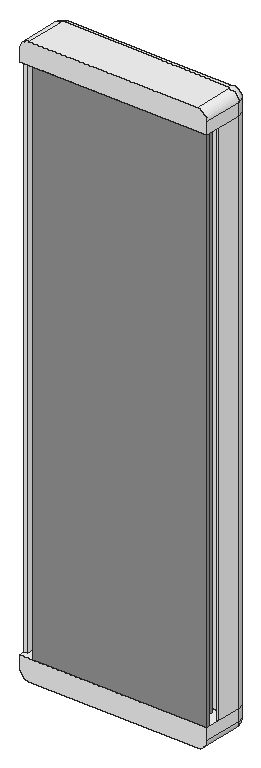
Revit family "JC KONTAKTER JCK218 Armbågskontakt", category Specialty Equipment, host Wall, Revit 2025
Family settings
  Host = Wall
  Round Connector Dimension = Use Diameter
  Part Type = Normal
  Enable Cutting in Views = Yes
  Always vertical = Yes
  Cut with Voids When Loaded = No
  Maintain Annotation Orientation = No
  Shared = No
  Room Calculation Point = No
Parameters (values of type "Armbågskontakt JCK218")
  Core Finish = Aluminum ENAW 6060
  URL = "https://jckontakter.se/produkt/armbagskontakter-metall/armbagskontakt-i-aluminium-jck218/"
  Tillverkarens land = "Sverige"
  Tillvalsförteckning = "https://jckontakter.se/wp-content/uploads/sites/2/Tillval_metall_2024.pdf"
  Teknisk produktblad = "https://jckontakter.se/wp-content/uploads/Tekniskt-blad_JCK218.245.pdf"
  Produktvikt = "0.305 kg"
  Placering information = "https://jckontakter.se/start/nyheter-och-information/armbagskontakter-placering-riktlinjer/"
  Nominell märkström = "12 V - Resistive 6A Inductive L/R 5ms 6A, 24 V - Resistive 6A Inductive L/R 5ms 5A"
  Model = "JCK218"  # constant formula
  Microbrytare = "Standard NO IP67"
  Manufacturer = "JC Kontakter"  # constant formula
  Längsta märkström = "1mA/4 V DC"
  Lid Finish = Aluminum ENAW 6060 (Vit)
  Keynote = ""
  End Cap Finish = POM Tenac C 4520 (Vit)
  Description = "JCK218 tillhör en serie armbågskontakter som har en plan tryckyta med fyra taktila rillor i. Rillorna fungerar som extra vägledning för personer med synnedsättning. Man kan enkelt känna sig till vart man ska trycka för att aktivera dörröppning. JCK218 är tillverkad i vitlackad aluminium och har vita endcaps. Den levereras med 1st mikrobrytare i IP67, men går även att beställa med fler."  # constant formula
  Default Elevation = 0 mm
  CE Dokument = "https://jckontakter.se/wp-content/uploads/CE_Dokument.pdf"
  Assembly Code = ""
  Antal mikrobrytare = 1
Reference planes
  plane 1 "Wall": y = 0
  plane 2 "Center (Left/Right)": x = 125
  plane 3 "Back": y = 75
  plane 4 "A": z = 800
Lines and regions (mm)
  Masking region 1
    outline origin (0, 0, -100) x (1, 0, 0) y (0, 0, 1)
      loop
        line (175, 1145) -> (75, 1145) -> (75, 900) -> (175, 900) -> (175, 1145)
  symbolic lines
    curve 1: line (75, 125, 0) -> (175, 125, 0)
    curve 2: line (75, 75, 0) -> (75, 125, 0)
    curve 3: line (175, 75, 0) -> (75, 75, 0)
    curve 4: line (175, 125, 0) -> (175, 75, 0)
    curve 5: line (175, 0, 1045) -> (75, 0, 1045)
    curve 6: line (175, 0, 800) -> (175, 0, 1045)
    curve 7: line (75, 0, 800) -> (175, 0, 800)
    curve 8: line (75, 0, 1045) -> (75, 0, 800)
Text (mm)
  text "Placement Side" at (-1848.837, 1116.779, 0), in view "Ref. Level"
  text "Placement side" at (0, 1409.804, 2854.306), in view "Left"
  text "Placement side" at (0, 499.811, 2980.732), in view "Right"
Dimensions and locks
  locked: plane 3 "Back" to host wall
  locked: curve 3 to curve 1 at 50
  aligned and locked: plane 1 "Wall" to host wall
  aligned and locked: nested 1 to plane 3 "Back"
  aligned and locked: curve 3 to plane 3 "Back"
  aligned and locked: plane 4 "A" to curve 7
  aligned and locked: curve 6 to Masking region 1
  aligned and locked: Masking region 1 to curve 8
Nested families
  nested 1: "AK_218" at (125, 75, 800) x (-1, 0, 0) z (0, 0, 1), type "AK_218", detail levels medium+fine
Definition of nested family "AK_218"
  Parameters (values of type "AK_218")
    Core Finish = none
    URL = "https://jckontakter.se/produkt/armbagskontakter-metall/armbagskontakt-i-aluminium-jck218/"
    Model = "JCK218"  # constant formula
    Manufacturer = "JC Kontakter"  # constant formula
    Lid Finish = none
    End Cap Finish = none
    Description = "JCK218 tillhör en serie armbågskontakter som har en plan tryckyta med fyra taktila rillor i. Rillorna fungerar som extra vägledning för personer med synnedsättning. Man kan enkelt känna sig till vart man ska trycka för att aktivera dörröppning. JCK218 är tillverkad i vitlackad aluminium och har vita endcaps. Den levereras med 1st mikrobrytare i IP67, men går även att beställa med fler."  # constant formula
    Default Elevation = 0 mm
  Reference planes
    plane 1 "Center (Front/Back)": y = 0
    plane 2: z = 0
    plane 3 "Center (Left/Right)": x = 0
    plane 4 "1": x = 40
    plane 5 "A": z = 9
    plane 6 "B": z = 236
  Forms (mm)
    Extrusion 1, solid, material <- "Core Finish"
      sketch origin (40, 0, 9) x (1, 0, 0) y (0, 1, 0)
        loop
          line (-80, 0) -> (-80, -1.2) -> (-75, -1.2) -> (-75, -8.75) -> (-73.2, -8.75) -> (-73.2, -1.2) -> (-11.2, -1.2) -> (-11.2, -8.75) -> (-2.249, -8.75)
          arc (-2.249, -8.75) -> (-3.331, -3.54) -> (-8.11, -1.2) r 6.05
          line (-8.11, -1.2) -> (-5.54, -1.2) -> (-5.54, 0) -> (-80, 0)
      from 0 to 227
    Extrusion 2, solid, material <- "Lid Finish"
      sketch origin (-40, 0, 9) x (-1, 0, 0) y (0, -1, 0)
        loop
          line (-3.92, 11.41) -> (-0.92, 6.4) -> (0, 6.4) -> (0, 16.83)
          arc (0, 16.83) -> (-1.464, 20.366) -> (-5, 21.83) r 5
          line (-5, 21.83) -> (-8, 21.83) -> (-8, 22.83) -> (-10, 22.83) -> (-10, 21.83) -> (-14, 21.83) -> (-14, 22.83) -> (-16, 22.83) -> (-16, 21.83) -> (-20, 21.83) -> (-20, 22.83) -> (-22, 22.83) -> (-22, 21.83) -> (-26, 21.83) -> (-26, 22.83) -> (-28, 22.83) -> (-28, 21.83) -> (-75, 21.83)
          arc (-75, 21.83) -> (-78.536, 20.366) -> (-80, 16.83) r 5
          line (-80, 16.83) -> (-80, 2.38) -> (-78.4, 2.38) -> (-78.4, 11.41) -> (-3.92, 11.41)
      from 0 to 227
    Extrusion 3, solid, material <- "End Cap Finish"
      sketch origin (-40, 0, 0) x (1, 0, 0) y (0, 1, 0)
        loop
          arc (0, -16.83) -> (1.464, -20.366) -> (5, -21.83) r 5
          line (5, -21.83) -> (75, -21.83)
          arc (75, -21.83) -> (78.536, -20.366) -> (80, -16.83) r 5
          line (80, -16.83) -> (80, 0) -> (0, 0) -> (0, -16.83)
      from 0 to 9
    Sweep 4, void
      path origin (0, 0, 0) x (1, 0, 0) y (0, 1, 0)
        loop
          line (42, 0) -> (42, -16.83)
          arc (42, -16.83) -> (39.95, -21.78) -> (35, -23.83) r 7
          line (35, -23.83) -> (-35, -23.83)
          arc (-35, -23.83) -> (-39.95, -21.78) -> (-42, -16.83) r 7
          line (-42, -16.83) -> (-42, 0)
      profile origin (0, -23.83, 0) x (0, -1, 0) y (0, 0, 1)
        loop
          line (-1, 4) -> (-2, 4)
          arc (-2, 4) -> (-3.172, 1.172) -> (-6, 0) r 4
          line (-6, 0) -> (-6, -1) -> (-1, -1) -> (-1, 4)
    Extrusion 5, solid, material <- "End Cap Finish"
      sketch origin (0, 0, 236) x (-1, 0, 0) y (0, -1, 0)
        loop
          arc (40, 16.83) -> (38.536, 20.366) -> (35, 21.83) r 5
          line (35, 21.83) -> (-35, 21.83)
          arc (-35, 21.83) -> (-38.536, 20.366) -> (-40, 16.83) r 5
          line (-40, 16.83) -> (-40, 0) -> (40, 0) -> (40, 16.83)
      from 0 to 9
    Sweep 6, void
      path origin (0, 0, 236) x (-1, 0, 0) y (0, -1, 0)
        loop
          line (-42, 0) -> (-42, 16.83)
          arc (-42, 16.83) -> (-39.95, 21.78) -> (-35, 23.83) r 7
          line (-35, 23.83) -> (35, 23.83)
          arc (35, 23.83) -> (39.95, 21.78) -> (42, 16.83) r 7
          line (42, 16.83) -> (42, 0)
      profile origin (0, -23.83, 236) x (0, -1, 0) y (0, 0, 1)
        loop
          line (-1, 5) -> (-1, 10) -> (-6, 10) -> (-6, 9)
          arc (-6, 9) -> (-3.172, 7.828) -> (-2, 5) r 4
          line (-2, 5) -> (-1, 5)
    Extrusion 7, void
      sketch origin (0, 0, 0) x (1, 0, 0) y (0, 1, 0)
        loop
          circle (-31.75, -8.25) r 3.75
        loop
          circle (31.75, -8.25) r 3.75
      from 0 to 4
  Cuts and joins
    Sweep 4, Sweep 6, Extrusion 7 cuts Extrusion 3
    Sweep 6 cuts Extrusion 5
  Dimensions and locks
    aligned and locked: level to plane 2
